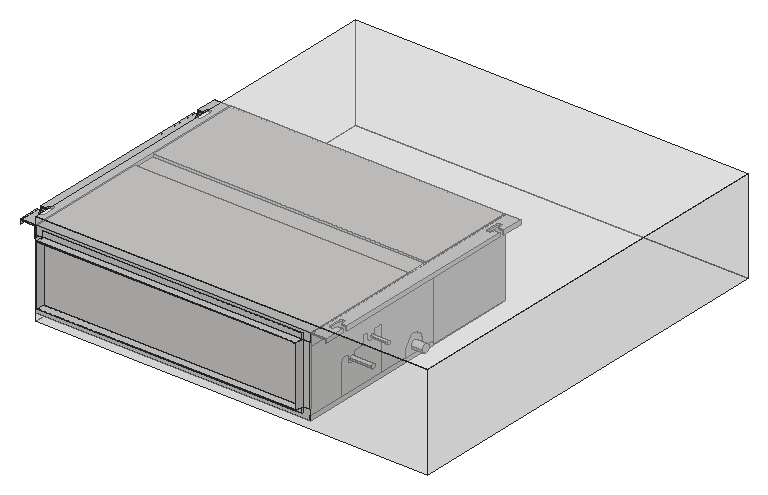
Revit family "outputfile", category 機械設備, Revit 2024
Family settings
  丸型コネクタ寸法 = 半径を使用
  パーツ タイプ = 標準
  OmniClass 番号 = 23.75.10.24.21.27.27
  OmniClass タイトル = Split System Air Conditioning Units
  作業面ベース = いいえ
  常に垂直 = はい
  ロード時にボイドで切り取り = いいえ
  注釈の向きを維持 = いいえ
  共有 = いいえ
  部屋計算ポイント = はい
Parameters (values of type "CDXP25RVMV")
  Description = ""
  書き出し IFC クラス(タイプ) = "IfcUnitaryEquipmentType"
  定義済み IFC タイプ(タイプ) = "AIRCONDITIONINGUNIT"
  Cost = 0
  Type Comments = ""
  Keynote = ""
  Type Image = (empty or 0)
  Assembly Code = ""
  switch_frequency = yes
  ld_powersupply = Depth / 2  # 310.0 mm
  製造元 = "Daikin"
  モデル = "CDXP25RVMV"
  r_Liquid Pipe Size = Liquid Pipe Size / 2  # 3.2 mm
  r_Gas Pipe Size = Gas Pipe Size / 2  # 4.75 mm
  r_Drain Pipe Size = Drain Pipe Size / 2  # 10.0 mm
  lw_powersupply = 50.0 mm  # constant formula
  lw_ductflange2 = 620.0 mm
  lw_Width = 660.0 mm
  lh_suctionflange [instance] = 100.0 mm  # constant formula
  ld_suctionflange [instance] = if(Rear Connection_Return Air, 190.0 mm, 100.0 mm)  # 190.0 mm
  connector_voltage = Voltage_50Hz  # 230 V
  connector_powerinput = if([Power Input (Cooling)] > [Power Input (Heating)], [Power Input (Cooling)], [Power Input (Heating)])  # 0.000 kW
  connector_phase = Phase_50Hz  # 1
  angle_vertical_RA [instance] = if(Rear Connection_Return Air, 90.00°, 0.00°)  # 90.00°
  angle horizontal_RA [instance] = if(Rear Connection_Return Air, 180.00°, 270.00°)  # 180.00°
  Voltage_comment_50Hz = "220 - 240"
  Voltage_50Hz = 230 V
  URL = ""
  Supply Air Direction [instance] = yes
  Sound Power Level_H speed (dB) = 0
  Rear Connection_Return Air [instance] = not(Bottom Connection_Return Air)  # yes
  RA_length [instance] = if(Rear Connection_Return Air, 190.0 mm, 100.0 mm)  # 190.0 mm
  Phase_50Hz = 1
  Minimum External Static Pressure = 0.00 Pa
  Minimum Circuit Amps_50Hz = 0.0 A
  Maximum Fuse Amps_50Hz = 0.0 A
  Maximum External Static Pressure = 30.00 Pa
  Material_Casing = DAIKIN_GalvanizedSteel_Casing_indoorunit
  lw_liquidpipe = 46.0 mm  # constant formula
  lw_gaspipe = 57.0 mm  # constant formula
  lw_mountinghole = 740.0 mm
  lw_drainpipe = 30.0 mm  # constant formula
  lh_powersupply = 150.0 mm  # constant formula
  lh_liquidpipe = 90.0 mm  # constant formula
  lh_gaspipe = 113.0 mm  # constant formula
  lh_mountinghole = Height  # 200.0 mm
  lh_drainpipe = 170.0 mm  # constant formula
  lh_antena = 1.0 mm  # constant formula
  ld_liquidpipe = 193.0 mm  # constant formula
  ld_gaspipe = 130.0 mm  # constant formula
  ld_mountinghole = 500.0 mm  # constant formula
  ld_drainpipe = 330.0 mm  # constant formula
  ld_controlbox = 626.0 mm  # constant formula
  h*** = 0.0 mm  # constant formula
  d_dischargeflange = 21.2 mm  # constant formula
  Width = 700.0 mm
  Version = "ver.1.0"
  Unit Type = "Duct (L.S.P)"
  Unit Mass Weight = 21.00 kg
  Unit Designation [instance] = ""
  Uniclass2015Version = "Products v1.30"
  Uniclass2015Title = "Split coil room air conditioning units"
  Uniclass2015Code = "Pr_70_65_03_86"
  Total Heating Capacity [instance] = 0.000 kW
  Total Cooling Capacity [instance] = 0.000 kW
  Sound Pressure Level_M speed (dBA) = 33
  Sound Pressure Level_L speed (dBA) = 31
  Sound Pressure Level_H speed (dBA) = 35
  Series = "Multi Split_Fan Coil Unit"
  Sensible Cooling Capacity [instance] = 0.000 kW
  SA Duct Size Width = 660.0 mm
  SA Duct Size Height = 153.0 mm
  Refrigerant Type = "R32"
  RA Duct Size Width = 580.0 mm
  RA Duct Size Height = 160.0 mm
  Power Input (Heating) = 0.000 kW
  Power Input (Cooling) = 0.000 kW
  Option Accessory 3 [instance] = ""
  Option Accessory 2 [instance] = ""
  Option Accessory 1 [instance] = ""
  Nominal Heating Capacity = 3.400 kW
  Nominal Cooling Capacity = 2.500 kW
  Minimum Airflow = 438.00 m³/h
  Median Airflow = 480.00 m³/h
  Maximum Airflow = 522.00 m³/h
  Load Classification = HVAC
  Liquid Pipe Size = 6.4 mm
  Link_Nested Family [instance] = ""
  IfcVersion = ""
  IfcExportType = "AIRCONDITIONINGUNIT"
  IfcExportAs = "IfcUnitaryEquipmentType"
  Height = 200.0 mm
  Heating Entering Wet Bulb Temperature [instance] = 0.00 °C
  Heating Entering Dry Bulb Temperature [instance] = 0.00 °C
  Heating Ambient Wet Bulb Temperature [instance] = 0.00 °C
  Heating Ambient Dry Bulb Temperature [instance] = 0.00 °C
  Heat Exchanger Type = "Cross Fin Coil"
  Gas Pipe Size = 9.5 mm
  Frequency_50Hz = 50 Hz
  Fan Type = "Sirocco Fan"
  Fan Drive = "Direct Drive"
  FCU Tag No. [instance] = ""
  Drain Pipe Size = 20.0 mm
  Design Supply Airflow [instance] = 0.00 m³/h
  Design Return Airflow [instance] = 0.00 m³/h
  Design External Static Pressure [instance] = 0.00 Pa
  Depth = 620.0 mm
  既定の高さ = 0.0 mm
  Cooling Entering Wet Bulb Temperature [instance] = 0.00 °C
  Cooling Entering Dry Bulb Temperature [instance] = 0.00 °C
  Cooling Ambient Wet Bulb Temperature [instance] = 0.00 °C
  Cooling Ambient Dry Bulb Temperature [instance] = 0.00 °C
  Clearance visibility [instance] = yes
  Clearance Top = 20.0 mm
  Clearance Right = 300.0 mm
  Clearance Rear = 400.0 mm
  Clearance Left = 0.0 mm
  Clearance Front = 0.0 mm
  Clearance Bottom = 20.0 mm
  Bottom Connection_Return Air [instance] = no
Reference planes
  plane 1 "Center (Front/Back)": y = 0
  plane 2: z = 0
  plane 3 "Center (Left/Right)": x = 0
  plane 4 "Back": y = 310
  plane 5 "Front": y = -310
  plane 6 "Left": x = -350
  plane 7 "Right": x = 350
  plane 8 "Top": z = 0
  plane 9 "Bottom": z = -200
  plane 10: x = -370
  plane 11: x = 370
  plane 12: y = 250
  plane 13: z = 0
  plane 14 "Clearance Left": x = -350
  plane 15 "Clearance Right": x = 650
  plane 16 "Clearance Rear": y = 710
  plane 17 "Clearance Front": y = -310
  plane 18 "Clearance Top": z = 20
  plane 19 "Clearance Bottom": z = -220
  plane 20: y = -250
  plane 21: z = -21
  plane 22: z = -97.5
  plane 23: x = -40
  plane 24: y = 120
  plane 25: z = -100
  plane 26: y = -180
  plane 27: z = -113
  plane 28: y = -117
  plane 29: z = -90
  plane 30: y = 20
  plane 31: z = -170
  plane 32: x = 407
  plane 33: x = 396
  plane 34: x = 380
  plane 35: x = 300
  plane 36: z = -150
Forms (mm)
  Extrusion 1, solid, material "DAIKIN_GalvanizedSteel_Casing_indoorunit" <- "Material_Casing"
    sketch origin (0, 0, 0) x (1, 0, 0) y (0, 1, 0)
      loop
        line (-350, -310) -> (350, -310) -> (350, 310) -> (-350, 310) -> (-350, -310)
    from -200 to 0
  Extrusion 2, void
    sketch origin (0, 0, 1) x (1, 0, 0) y (0, 1, 0)
      loop
        line (-350, 61.5) -> (-350, 3.5) -> (350, 3.5) -> (350, 61.5) -> (-350, 61.5)
    from -1 to -7
  Extrusion 3, solid, material "DAIKIN_GalvanizedSteel_Casing_indoorunit" <- "Material_Casing", visible <- "Bottom Connection_Return Air"
    sketch origin (0, 0, 0) x (1, 0, 0) y (0, 0, 1)
      loop
        line (269, -200) -> (269, -1) -> (-349, -1) -> (-349, -200) -> (269, -200)
    from -310 to -309
  Extrusion 4, solid, material "DAIKIN_GalvanizedSteel_Casing_indoorunit" <- "Material_Casing", visible <- "Rear Connection_Return Air"
    sketch origin (0, 0, 0) x (1, 0, 0) y (0, 1, 0)
      loop
        line (-349, 310) -> (-349, 111) -> (269, 111) -> (269, 310) -> (-349, 310)
    from -200 to -199
  Extrusion 5, solid, material "DAIKIN_GalvanizedSteel_Casing_indoorunit" <- "Material_Casing"
    sketch origin (350, 0, 0) x (0, 1, 0) y (0, 0, 1)
      loop
        circle (-180, -113) r 4.75
    from 0 to 57
  Extrusion 6, solid, material "DAIKIN_GalvanizedSteel_Casing_indoorunit" <- "Material_Casing"
    sketch origin (350, 0, 0) x (0, 1, 0) y (0, 0, 1)
      loop
        circle (-117, -90) r 3.2
    from 0 to 46
  Extrusion 7, solid, material "DAIKIN_GalvanizedSteel_Casing_indoorunit" <- "Material_Casing"
    sketch origin (350, 0, 0) x (0, 1, 0) y (0, 0, 1)
      loop
        circle (20, -170) r 10
    from 0 to 30
  Extrusion 8, solid, material "DAIKIN_GalvanizedSteel_Casing_indoorunit" <- "Material_Casing"
    sketch origin (350, 0, 0) x (0, 1, 0) y (0, 0, 1)
      loop
        line (-310, -200) -> (78.6, -200) -> (78.6, -193)
        arc (78.6, -193) -> (77.721, -190.879) -> (75.6, -190) r 3
        line (75.6, -190) -> (-310, -190) -> (-310, -200)
    from 0 to -1
  Extrusion 9, solid, material "DAIKIN_GalvanizedSteel_Casing_indoorunit" <- "Material_Casing"
    sketch origin (350, 0, 0) x (0, 1, 0) y (0, 0, 1)
      loop
        line (-210, -190) -> (-85.6, -190) -> (-85.6, -83)
        arc (-85.6, -83) -> (-86.479, -80.879) -> (-88.6, -80) r 3
        line (-88.6, -80) -> (-102, -80)
        arc (-102, -80) -> (-104.121, -80.879) -> (-105, -83) r 3
        line (-105, -83) -> (-105, -90)
        arc (-105, -90) -> (-117, -102) -> (-129, -90) r 12
        line (-129, -90) -> (-129, -83)
        arc (-129, -83) -> (-129.879, -80.879) -> (-132, -80) r 3
        line (-132, -80) -> (-136.1, -80)
        arc (-136.1, -80) -> (-138.221, -80.879) -> (-139.1, -83) r 3
        line (-139.1, -83) -> (-139.1, -102.7) -> (-165, -102.7)
        arc (-165, -102.7) -> (-167.121, -103.579) -> (-168, -105.7) r 3
        line (-168, -105.7) -> (-168, -113)
        arc (-168, -113) -> (-180, -125) -> (-192, -113) r 12
        line (-192, -113) -> (-192, -105.7)
        arc (-192, -105.7) -> (-192.879, -103.579) -> (-195, -102.7) r 3
        line (-195, -102.7) -> (-207, -102.7)
        arc (-207, -102.7) -> (-209.121, -103.579) -> (-210, -105.7) r 3
        line (-210, -105.7) -> (-210, -190)
    from 0 to -1
  Extrusion 10, solid, material "DAIKIN_GalvanizedSteel_Casing_indoorunit" <- "Material_Casing"
    sketch origin (350, 0, 0) x (0, 1, 0) y (0, 0, 1)
      loop
        arc (44.5, -170) -> (20, -145.5) -> (-4.5, -170) r 24.5
        line (-4.5, -170) -> (-4.5, -190) -> (44.5, -190) -> (44.5, -170)
    from 0 to -1
  Extrusion 11, solid, material "DAIKIN_GalvanizedSteel_Casing_indoorunit" <- "Material_Casing"
    sketch origin (350, 0, 0) x (0, 1, 0) y (0, 0, 1)
      loop
        arc (86.6, -22) -> (84.479, -22.879) -> (83.6, -25) r 3
        line (83.6, -25) -> (83.6, -194.5)
        arc (83.6, -194.5) -> (84.479, -196.621) -> (86.6, -197.5) r 3
        line (86.6, -197.5) -> (307, -197.5)
        arc (307, -197.5) -> (309.121, -196.621) -> (310, -194.5) r 3
        line (310, -194.5) -> (310, -25)
        arc (310, -25) -> (309.121, -22.879) -> (307, -22) r 3
        line (307, -22) -> (86.6, -22)
    from 0 to -1
Cuts and joins
  Extrusion 2 cuts Extrusion 1
Dimensions and locks
  "Height": plane 8 "Top" to plane 9 "Bottom"
  equal spacing: plane 10, plane 3 "Center (Left/Right)", plane 11
  "lw_mountinghole": plane 10 to plane 11
  equal spacing: plane 6 "Left", plane 3 "Center (Left/Right)", plane 7 "Right"
  "Width": plane 6 "Left" to plane 7 "Right"
  "Clearance Right": plane 7 "Right" to plane 15 "Clearance Right"
  "Clearance Left": plane 14 "Clearance Left" to plane 6 "Left"
  "Clearance Rear": plane 16 "Clearance Rear" to plane 4 "Back"
  "Clearance Front": plane 5 "Front" to plane 17 "Clearance Front"
  "Clearance Top": plane 18 "Clearance Top" to plane 8 "Top"
  "Clearance Bottom": plane 9 "Bottom" to plane 19 "Clearance Bottom"
  "Depth": plane 4 "Back" to plane 5 "Front"
  equal spacing: plane 4 "Back", plane 1 "Center (Front/Back)", plane 5 "Front"
  Extrusion 3 sketch curve to Extrusion 3 sketch curve = 199.0 mm
  locked: plane 20 to plane 5 "Front" at 60
  "ld_mountinghole": plane 12 to plane 20
  locked: plane 8 "Top" to plane 21 at 21
  locked: plane 23 to plane 3 "Center (Left/Right)" at 40
  "ld_suctionflange": plane 4 "Back" to plane 24
  "lh_suctionflange": plane 8 "Top" to plane 25
  "ld_gaspipe": plane 26 to plane 5 "Front"
  "lh_gaspipe": plane 8 "Top" to plane 27
  "ld_liquidpipe": plane 28 to plane 5 "Front"
  "lh_liquidpipe": plane 8 "Top" to plane 29
  "ld_drainpipe": plane 30 to plane 5 "Front"
  "lh_drainpipe": plane 8 "Top" to plane 31
  "lw_gaspipe": plane 7 "Right" to plane 32
  "lw_liquidpipe": plane 7 "Right" to plane 33
  "lw_drainpipe": plane 7 "Right" to plane 34
  "lw_powersupply": plane 35 to plane 7 "Right"
  "lh_powersupply": plane 8 "Top" to plane 36
  "r_Gas Pipe Size": radius of Extrusion 5 sketch curve
  "r_Liquid Pipe Size": radius of Extrusion 6 sketch curve
  "r_Drain Pipe Size": radius of Extrusion 7 sketch curve
  aligned and locked: level to plane 2
  aligned and locked: Extrusion 1 to plane 9 "Bottom"
  aligned and locked: plane 8 "Top" to Extrusion 1
  aligned and locked: plane 11 to nested 2
  aligned and locked: plane 10 to nested 3
  aligned and locked: plane 10 to nested 4
  aligned and locked: plane 8 "Top" to Extrusion 2
  aligned and locked: plane 9 "Bottom" to Extrusion 4  (x2)
  aligned and locked: plane 7 "Right" to cut or joined group of Extrusion 1, Extrusion 2  (x2)
  aligned and locked: plane 3 "Center (Left/Right)" to nested 9
  aligned and locked: plane 6 "Left" to nested 7
  aligned and locked: plane 8 "Top" to nested 9
  aligned and locked: plane 11 to nested 1
  aligned and locked: nested 6 to plane 1 "Center (Front/Back)"
  aligned and locked: plane 3 "Center (Left/Right)" to nested 6
  aligned and locked: level to plane 8 "Top"
  aligned and locked: plane 1 "Center (Front/Back)" to nested 9
  aligned and locked: plane 5 "Front" to nested 10
  aligned and locked: Extrusion 1 sketch curve to plane 5 "Front"
  aligned and locked: plane 21 to nested 10
  aligned and locked: nested 5 to plane 5 "Front"
  aligned and locked: plane 3 "Center (Left/Right)" to nested 5
  aligned and locked: plane 22 to nested 5
  aligned and locked: Extrusion 2 sketch curve to plane 6 "Left"
  aligned and locked: plane 7 "Right" to Extrusion 2 sketch curve
  aligned and locked: nested 11 to plane 23
  aligned and locked: nested 11 to plane 24
  aligned and locked: plane 27 to Extrusion 5 sketch curve
  aligned and locked: plane 26 to Extrusion 5 sketch curve
  aligned and locked: plane 28 to Extrusion 6 sketch curve
  aligned and locked: plane 29 to Extrusion 6 sketch curve
  aligned and locked: plane 31 to Extrusion 7 sketch curve
  aligned and locked: plane 30 to Extrusion 7 sketch curve
  aligned and locked: plane 26 to nested 12
  aligned and locked: nested 12 to plane 27
  aligned and locked: plane 32 to Extrusion 5
  aligned and locked: plane 32 to nested 12
  aligned and locked: plane 33 to Extrusion 6
  aligned and locked: plane 28 to nested 13
  aligned and locked: nested 13 to plane 29
  aligned and locked: plane 33 to nested 13
  aligned and locked: plane 34 to Extrusion 7
  aligned and locked: plane 30 to nested 14
  aligned and locked: nested 14 to plane 31
  aligned and locked: plane 34 to nested 14
  aligned and locked: Extrusion 8 sketch curve to plane 9 "Bottom"
  aligned and locked: Extrusion 8 sketch curve to plane 5 "Front"
  aligned and locked: plane 14 "Clearance Left" to nested 15
  aligned and locked: plane 15 "Clearance Right" to nested 15
  aligned and locked: plane 16 "Clearance Rear" to nested 15
  aligned and locked: nested 15 to plane 17 "Clearance Front"
  aligned and locked: nested 15 to plane 18 "Clearance Top"
  aligned and locked: nested 15 to plane 19 "Clearance Bottom"
  aligned and locked: nested 16 to plane 35
  aligned and locked: nested 16 to plane 36
  aligned and locked: plane 4 "Back" to nested 16
Automatic sketch dimensions
  Extrusion 1 sketch curve to plane 4 "Back" = 0.0 mm
  Extrusion 1 sketch curve to plane 6 "Left" = 0.0 mm
  Extrusion 1 sketch curve to plane 7 "Right" = 0.0 mm
  Extrusion 4 sketch curve to plane 4 "Back" = 0.0 mm
  plane 6 "Left" to Extrusion 3 sketch curve = 1.0 mm
  plane 6 "Left" to Extrusion 4 sketch curve = 1.0 mm
  Extrusion 4 sketch curve to plane 1 "Center (Front/Back)" = 111.0 mm
  Extrusion 3 sketch curve to plane 9 "Bottom" = 0.0 mm
  Extrusion 3 sketch curve to plane 7 "Right" = 81.0 mm
  Extrusion 4 sketch curve to plane 7 "Right" = 81.0 mm
  Extrusion 2 sketch curve to plane 1 "Center (Front/Back)" = 3.5 mm
  Extrusion 2 sketch curve to Extrusion 2 sketch curve = 58.0 mm
  plane 9 "Bottom" to Extrusion 8 sketch curve = 7.0 mm
  Extrusion 8 sketch curve to plane 24 = 44.4 mm
  Extrusion 8 sketch curve to Extrusion 8 sketch curve = 3.0 mm
  Extrusion 9 sketch curve to plane 27 = 0.0 mm
  Extrusion 9 sketch curve to plane 26 = 0.0 mm
  Extrusion 9 sketch curve to plane 29 = 0.0 mm
  Extrusion 9 sketch curve to plane 28 = 0.0 mm
  Extrusion 9 sketch curve to plane 26 = 12.0 mm
  Extrusion 9 sketch curve to plane 25 = 2.7 mm  (x2)
  Extrusion 9 sketch curve to Extrusion 9 sketch curve = 3.0 mm  (x6)
  Extrusion 9 sketch curve to Extrusion 9 sketch curve = 12.0 mm
  plane 9 "Bottom" to Extrusion 9 sketch curve = 10.0 mm
  Extrusion 9 sketch curve to plane 26 = 30.0 mm
  Extrusion 9 sketch curve to plane 28 = 22.1 mm
  Extrusion 9 sketch curve to Extrusion 9 sketch curve = 4.1 mm
  plane 29 to Extrusion 9 sketch curve = 7.0 mm  (x2)
  Extrusion 9 sketch curve to Extrusion 9 sketch curve = 13.4 mm
  Extrusion 10 sketch curve to plane 30 = 0.0 mm
  Extrusion 10 sketch curve to plane 31 = 0.0 mm
  plane 1 "Center (Front/Back)" to Extrusion 10 sketch curve = 4.5 mm
  plane 9 "Bottom" to Extrusion 10 sketch curve = 10.0 mm
  Extrusion 11 sketch curve to plane 4 "Back" = 0.0 mm
  Extrusion 11 sketch curve to Extrusion 11 sketch curve = 3.0 mm  (x3)
  Extrusion 11 sketch curve to plane 21 = 1.0 mm
  Extrusion 11 sketch curve to plane 21 = 4.0 mm
  Extrusion 11 sketch curve to plane 24 = 33.4 mm
  plane 9 "Bottom" to Extrusion 11 sketch curve = 5.5 mm
Nested families
  nested 1: "daikin_mountinghole" at (370, 250, -200), l_antenna <- "lh_antena", Link_Nested Family <- "Link_Nested Family", h_mountinghole <- "lh_mountinghole", type "daikin_mountinghole"
    with show yes, l_antenna 1.0 mm, h_mountinghole 200.0 mm, Link_Nested Family ""
  nested 2: "daikin_mountinghole" at (370, -250, -200), Link_Nested Family <- "Link_Nested Family", l_antenna <- "lh_antena", h_mountinghole <- "lh_mountinghole", type "daikin_mountinghole"
    with show yes, l_antenna 1.0 mm, h_mountinghole 200.0 mm, Link_Nested Family ""
  nested 3: "daikin_mountinghole" at (-370, -250, -200), l_antenna <- "lh_antena", Link_Nested Family <- "Link_Nested Family", h_mountinghole <- "lh_mountinghole", type "daikin_mountinghole"
    with show yes, l_antenna 1.0 mm, h_mountinghole 200.0 mm, Link_Nested Family ""
  nested 4: "daikin_mountinghole" at (-370, 250, -200), l_antenna <- "lh_antena", Link_Nested Family <- "Link_Nested Family", h_mountinghole <- "lh_mountinghole", type "daikin_mountinghole"
    with show yes, l_antenna 1.0 mm, h_mountinghole 200.0 mm, Link_Nested Family ""
  nested 5: "daikin_connector_rotate2" at (0, -310, -97.5), length <- "d_dischargeflange", type "daikin_connector_rotate2"
    with radius 10.0 mm, length 21.2 mm, angle_vertical 90.00°, show_face no
  nested 6: "daikin_△_symbolicline" at (-75, -129.904, 200) x (-0.5, 0.866, 0) z (0, 0, 1), built-in parameter 1001364 <- "Height", visible <- "Supply Air Direction", type "daikin_△_symbolicline"
    with length 300.0 mm
  nested 7: "daikin_ductflange_CDXP-RVMV_1" at (-40, 310, -100), visible <- "Rear Connection_Return Air", material <- "Material_Casing", width <- "lw_ductflange2", type "daikin_ductflange_CDXP-RVMV_1"
    with width 620.0 mm, material DAIKIN_GalvanizedSteel_Casing_indoorunit, height 180.0 mm, depth 21.2 mm
  nested 8: "daikin_ductflange_CDXP-RVMV_1" at (-40, 210, -200) x (1, 0, 0) z (0, 1, 0), visible <- "Bottom Connection_Return Air", material <- "Material_Casing", width <- "lw_ductflange2", type "daikin_ductflange_CDXP-RVMV_1"
    with width 620.0 mm, material DAIKIN_GalvanizedSteel_Casing_indoorunit, height 180.0 mm, depth 21.2 mm
  nested 9: "daikin_hangerfixture_CDXP-RVMV" at (0, 0, 0), type "daikin_hangerfixture_CDXP-RVMV"
  nested 10: "daikin_ductflange_CDXP-RVMV" at (0, 3.5, -364.201), width <- "lw_Width", material <- "Material_Casing", type "daikin_ductflange_CDXP-RVMV"
    with width 660.0 mm, material DAIKIN_GalvanizedSteel_Casing_indoorunit, height 155.0 mm, depth 21.2 mm
  nested 11: "daikin_connector_rotate3" at (-40, 120, -100), length <- "RA_length", angle_vertical <- "angle_vertical_RA", angle_horizontal <- "angle horizontal_RA", type "daikin_connector_rotate3"
    with show no, radius 10.0 mm, length 190.0 mm, angle_vertical 90.00°, angle_horizontal 180.00°
  nested 12: "daikin_connector_rotate2" at (350, -180, -113) x (0, 1, 0) z (0, 0, 1), length <- "lw_gaspipe", radius <- "r_Gas Pipe Size", type "daikin_connector_rotate2"
    with radius 4.75 mm, length 57.0 mm, angle_vertical 90.00°, show_face no
  nested 13: "daikin_connector_rotate2" at (350, -117, -90) x (0, 1, 0) z (0, 0, 1), radius <- "r_Liquid Pipe Size", length <- "lw_liquidpipe", type "daikin_connector_rotate2"
    with radius 3.2 mm, length 46.0 mm, angle_vertical 90.00°, show_face no
  nested 14: "daikin_connector_rotate2" at (350, 20, -170) x (0, 1, 0) z (0, 0, 1), radius <- "r_Drain Pipe Size", length <- "lw_drainpipe", type "daikin_connector_rotate2"
    with radius 10.0 mm, length 30.0 mm, angle_vertical 90.00°, show_face no
  nested 15: "daikin_clearancespace" at (150, 200, -99.881), visible <- "Clearance visibility", Link_Nested Family <- "Link_Nested Family", show <- "Clearance visibility", type "daikin_clearancespace"
    with width 1000.0 mm, show yes, height 240.0 mm, depth 1020.0 mm, Link_Nested Family ""
  nested 16: "daikin_connector_rotate2" at (300, 0, -150) x (-1, 0, 0) z (0, 0, 1), length <- "ld_powersupply", type "daikin_connector_rotate2"
    with radius 10.0 mm, length 310.0 mm, angle_vertical 90.00°, show_face no
Connectors
  hvac at (0, -331.2, -97.5), driven by "SA Duct Size Height", driven by "SA Duct Size Width"
    settings: on nested 5, index 1, duct flow 0.00 m³/h, flow factor 0, pres drop 0.00 Pa, loss coef 0, conn angle 0.00°, conn width 660.0 mm, conn height 153.0 mm, conn diameter 609.6 mm, duct sys type 1, conn prof type 1, flow config 0, flow direction 2, loss method 4, conn ref index -1, conn util no, is conn primary yes, conn desc "SA Duct"
  hvac at (-40, 310, -100), driven by "RA Duct Size Height", driven by "RA Duct Size Width"
    settings: on nested 11, index 2, duct flow 0.00 m³/h, flow factor 0, pres drop 0.00 Pa, loss coef 0, conn angle 0.00°, conn width 580.0 mm, conn height 160.0 mm, conn diameter 609.6 mm, duct sys type 2, conn prof type 1, flow config 0, flow direction 1, loss method 4, conn ref index -1, conn util no, is conn primary no, conn desc "RA Duct"
  piping at (407, -180, -113), diameter 9.5, driven by "r_Gas Pipe Size"
    settings: on nested 12, index 3, connector inside diameter 609.6 mm, connector length 0.0 mm, flow factor 0, pipe flow 0.00 m³/h, pressure drop 0.0 Pa, fitting loss kfactor 0, connector angle 0.00°, fixture units 0, engagement length 0.0 mm, angle of deflection 0.00°, flow configuration 1, flow direction 2, fitting loss method 0, system type 29, joint type 0, gender type 0, connector reference index -1, connector utility 0, adjustable connector no, is connector primary yes, connector description "Refrigerant Gas Piping"
  piping at (396, -117, -90), diameter 6.4, driven by "r_Liquid Pipe Size"
    settings: on nested 13, index 4, connector inside diameter 609.6 mm, connector length 0.0 mm, flow factor 0, pipe flow 0.00 m³/h, pressure drop 0.0 Pa, fitting loss kfactor 0, connector angle 0.00°, fixture units 0, engagement length 0.0 mm, angle of deflection 0.00°, flow configuration 1, flow direction 1, fitting loss method 0, system type 29, joint type 0, gender type 0, connector reference index -1, connector utility 0, adjustable connector no, is connector primary no, connector description "Refrigerant Liquid Piping"
  piping at (380, 20, -170), diameter 20, driven by "r_Drain Pipe Size"
    settings: on nested 14, index 5, connector inside diameter 609.6 mm, connector length 0.0 mm, flow factor 0, pipe flow 0.00 m³/h, pressure drop 0.0 Pa, fitting loss kfactor 0, connector angle 0.00°, fixture units 0, engagement length 0.0 mm, angle of deflection 0.00°, flow configuration 1, flow direction 2, fitting loss method 4, system type 16, joint type 0, gender type 0, connector reference index -1, connector utility 0, adjustable connector no, is connector primary no, connector description "Condensate Drain Piping"
  electrical at (300, 310, -150), driven by "Load Classification", driven by "connector_voltage", driven by "connector_powerinput", driven by "connector_phase"
    settings: on nested 16, index 6, voltage 230 V, apparent load 0 VA, apparent load phase1 0 VA, apparent load phase2 0 VA, apparent load phase3 0 VA, power factor 1, load classification "HVAC", number of poles 1, system type 30, power factor state 1, is connector primary yes, connector utility no, sub classification motor no, connector description "Power Supply"
Definition of nested family "daikin_ductflange_CDXP-RVMV_1"
  Parameters (values of type "daikin_ductflange_CDXP-RVMV_1")
    width [instance] = 620.0 mm
    material [instance] = none
    height [instance] = 180.0 mm
    depth [instance] = 21.2 mm
    Default Elevation = 0.0 mm
  Reference planes
    plane 1 "Center (Front/Back)": y = 0
    plane 2: z = 0
    plane 3 "Center (Left/Right)": x = 0
    plane 4: x = -310
    plane 5: x = 310
    plane 6: z = 90
    plane 7: z = -90
    plane 8: z = 100
    plane 9: z = -100
    plane 10: x = -309
    plane 11: x = 309
  Forms (mm)
    Extrusion 1, solid, material <- "material"
      sketch origin (0, 0, 0) x (1, 0, 0) y (0, 0, 1)
        loop
          line (-290, 80) -> (-290, -80) -> (290, -80) -> (290, 80) -> (-290, 80)
        loop
          line (-309, -99) -> (309, -99) -> (309, 99) -> (-309, 99) -> (-309, -99)
      from 0 to 1
  Dimensions and locks
    equal spacing: plane 5, plane 3 "Center (Left/Right)", plane 4, locked at 310 each
    "width": plane 5 to plane 4
    equal spacing: plane 6, level, plane 7, locked at 90 each
    "height": plane 6 to plane 7
    equal spacing: plane 8, level, plane 9, locked at 100 each
    locked: plane 8 to plane 9 at 200
    plane 10 to plane 4 = 1.0 mm
    locked: plane 5 to plane 11 at 1
    locked: Extrusion 1 sketch curve to Extrusion 1 sketch curve at 19  (x4)
    plane 8 to Extrusion 1 sketch curve = 1.0 mm
    locked: Extrusion 1 sketch curve to plane 9 at 1
    aligned and locked: level to plane 2
  Automatic sketch dimensions
    plane 4 to Extrusion 1 sketch curve = 1.0 mm
    Extrusion 1 sketch curve to plane 5 = 1.0 mm
Definition of nested family "daikin_hangerfixture_CDXP-RVMV"
  Parameters (values of type "daikin_hangerfixture_CDKS-EAVMA")
    width = 700.0 mm
    material = none
    height = 30.0 mm
    depth = 618.0 mm
    Default Elevation = 0.0 mm
  Reference planes
    plane 1 "Center (Front/Back)": y = 0
    plane 2: z = 0
    plane 3 "Center (Left/Right)": x = 0
    plane 4: x = 350
    plane 5: y = 309
    plane 6: y = -309
    plane 7: x = -350
    plane 8: z = -30
  Forms (mm)
    Extrusion 1, solid, material <- "material"
      sketch origin (0, 0, 0) x (1, 0, 0) y (0, 0, 1)
        loop
          line (350, 0) -> (350, -30) -> (352.3, -30) -> (352.3, -2.3) -> (387.7, -2.3) -> (387.7, -10) -> (390, -10) -> (390, 0) -> (350, 0)
      from -309 to 309
    Extrusion 2, void
      sketch origin (0, 0, 0) x (0, 1, 0) y (0, 0, 1)
        loop
          line (309, -30) -> (309, -17.979) -> (87.935, -17.979) -> (75.914, -30) -> (309, -30)
      from 0 to 450
    Extrusion 3, void
      sketch origin (0, 0, 0) x (1, 0, 0) y (0, 1, 0)
        loop
          line (390, -243.5) -> (377, -243.5) -> (377, -237)
          arc (377, -237) -> (370, -230) -> (363, -237) r 7
          line (363, -237) -> (363, -263)
          arc (363, -263) -> (370, -270) -> (377, -263) r 7
          line (377, -263) -> (377, -256.5) -> (390, -256.5) -> (390, -243.5)
        loop
          line (390, 243.5) -> (390, 256.5) -> (377, 256.5) -> (377, 263)
          arc (377, 263) -> (370, 270) -> (363, 263) r 7
          line (363, 263) -> (363, 237)
          arc (363, 237) -> (370, 230) -> (377, 237) r 7
          line (377, 237) -> (377, 243.5) -> (390, 243.5)
      from -254.96 to 618
    Extrusion 4, solid, material <- "material"
      sketch origin (0, 0, 0) x (-1, 0, 0) y (0, 0, -1)
        loop
          line (350, 0) -> (390, 0) -> (390, 10) -> (387.7, 10) -> (387.7, 2.3) -> (352.3, 2.3) -> (352.3, 30) -> (350, 30) -> (350, 0)
      from -309 to 309
    Extrusion 5, void
      sketch origin (0, 0, 0) x (-1, 0, 0) y (0, -1, 0)
        loop
          line (390, 243.5) -> (390, 256.5) -> (377, 256.5) -> (377, 263)
          arc (377, 263) -> (370, 270) -> (363, 263) r 7
          line (363, 263) -> (363, 237)
          arc (363, 237) -> (370, 230) -> (377, 237) r 7
          line (377, 237) -> (377, 243.5) -> (390, 243.5)
        loop
          line (390, -243.5) -> (377, -243.5) -> (377, -237)
          arc (377, -237) -> (370, -230) -> (363, -237) r 7
          line (363, -237) -> (363, -263)
          arc (363, -263) -> (370, -270) -> (377, -263) r 7
          line (377, -263) -> (377, -256.5) -> (390, -256.5) -> (390, -243.5)
      from -254.96 to 618
  Cuts and joins
    Extrusion 2, Extrusion 3, Extrusion 5 cuts Extrusion 1
    Extrusion 5 cuts Extrusion 4
  Dimensions and locks
    equal spacing: plane 5, plane 1 "Center (Front/Back)", plane 6
    "depth": plane 5 to plane 6
    plane 6 to plane 1 "Center (Front/Back)" to plane 5 = 309.0 mm, 309.0 mm
    equal spacing: plane 4, plane 3 "Center (Left/Right)", plane 7
    "width": plane 4 to plane 7
    "height": level to plane 8
    aligned and locked: level to plane 2
    aligned and locked: plane 5 to Extrusion 1
    aligned and locked: Extrusion 1 to plane 6
    aligned and locked: Extrusion 1 to plane 4
    aligned and locked: plane 5 to cut or joined group of Extrusion 1, Extrusion 2, Extrusion 3, Extrusion 5
    aligned and locked: cut or joined group of Extrusion 1, Extrusion 2, Extrusion 3, Extrusion 5 to plane 6
    aligned and locked: level to cut or joined group of Extrusion 1, Extrusion 2, Extrusion 3, Extrusion 5
    aligned and locked: cut or joined group of Extrusion 1, Extrusion 2, Extrusion 3, Extrusion 5 to plane 8
    aligned and locked: plane 5 to cut or joined group of Extrusion 4, Extrusion 5
    aligned and locked: cut or joined group of Extrusion 4, Extrusion 5 to plane 6
  Automatic sketch dimensions
    Extrusion 1 sketch curve to plane 4 = 0.0 mm
    Extrusion 1 sketch curve to plane 8 = 0.0 mm
    Extrusion 1 sketch curve to level = 0.0 mm
    plane 4 to Extrusion 1 sketch curve = 2.3 mm
    Extrusion 1 sketch curve to level = 2.3 mm
    Extrusion 1 sketch curve to Extrusion 1 sketch curve = 35.4 mm
    Extrusion 1 sketch curve to Extrusion 1 sketch curve = 2.3 mm
    Extrusion 1 sketch curve to Extrusion 1 sketch curve = 7.7 mm
    Extrusion 2 sketch curve to plane 8 = 0.0 mm
    Extrusion 2 sketch curve to plane 5 = 0.0 mm
    plane 8 to Extrusion 2 sketch curve = 12.021 mm
    Extrusion 2 sketch curve to plane 1 "Center (Front/Back)" = 87.935 mm
    Extrusion 2 sketch curve to Extrusion 2 sketch curve = 12.021 mm
    plane 4 to Extrusion 3 sketch curve = 13.0 mm  (x2)
    Extrusion 3 sketch curve to Extrusion 3 sketch curve = 7.0 mm  (x4)
    Extrusion 3 sketch curve to Extrusion 3 sketch curve = 13.0 mm  (x4)
    plane 6 to Extrusion 3 sketch curve = 46.0 mm
    Extrusion 3 sketch curve to Extrusion 3 sketch curve = 6.5 mm  (x4)
    Extrusion 3 sketch curve to plane 5 = 72.0 mm
    Extrusion 4 sketch curve to plane 7 = 0.0 mm
    Extrusion 4 sketch curve to plane 8 = 0.0 mm
    Extrusion 4 sketch curve to level = 0.0 mm
    Extrusion 4 sketch curve to plane 7 = 2.3 mm
    Extrusion 4 sketch curve to level = 2.3 mm
    Extrusion 4 sketch curve to Extrusion 4 sketch curve = 35.4 mm
    Extrusion 4 sketch curve to Extrusion 4 sketch curve = 2.3 mm
    Extrusion 4 sketch curve to Extrusion 4 sketch curve = 7.7 mm
    Extrusion 5 sketch curve to plane 7 = 13.0 mm  (x2)
    Extrusion 5 sketch curve to Extrusion 5 sketch curve = 7.0 mm  (x4)
    Extrusion 5 sketch curve to Extrusion 5 sketch curve = 13.0 mm  (x4)
    Extrusion 5 sketch curve to plane 5 = 46.0 mm
    Extrusion 5 sketch curve to Extrusion 5 sketch curve = 6.5 mm  (x4)
    plane 6 to Extrusion 5 sketch curve = 72.0 mm
Definition of nested family "daikin_ductflange_CDXP-RVMV"
  Parameters (values of type "daikin_ductflange_FXDQ-NDVET")
    width [instance] = 660.0 mm
    material [instance] = none
    height [instance] = 155.0 mm
    depth [instance] = 21.2 mm
    Default Elevation = 0.0 mm
  Reference planes
    plane 1 "Center (Front/Back)": y = 0
    plane 2: z = 189.201
    plane 3 "Center (Left/Right)": x = 0
    plane 4: y = -313.5
    plane 5: x = -330
    plane 6: x = 330
    plane 7: y = -334.7
    plane 8: z = 344.201
    plane 9: z = 266.701
    plane 10: z = 343.201
    plane 11: z = 190.201
  Forms (mm)
    Extrusion 1, solid, material <- "material"
      sketch origin (0, 0, 189.201) x (1, 0, 0) y (0, 1, 0)
        loop
          line (-330, -334.7) -> (-330, -313.5) -> (-350, -313.5) -> (-350, -314.5) -> (-331, -314.5) -> (-331, -334.7) -> (-330, -334.7)
        loop
          line (330, -334.7) -> (331, -334.7) -> (331, -314.5) -> (350, -314.5) -> (350, -313.5) -> (330, -313.5) -> (330, -334.7)
      from 1 to 154
    Extrusion 2, solid, material <- "material"
      sketch origin (0, 0, 0) x (0, 1, 0) y (0, 0, 1)
        loop
          line (-313.5, 343.201) -> (-313.5, 358.201) -> (-314.5, 358.201) -> (-314.5, 344.201) -> (-334.7, 344.201) -> (-334.7, 343.201) -> (-313.5, 343.201)
        loop
          line (-313.5, 190.201) -> (-334.7, 190.201) -> (-334.7, 189.201) -> (-314.5, 189.201) -> (-314.5, 175.201) -> (-313.5, 175.201) -> (-313.5, 190.201)
      from -330 to 330
  Dimensions and locks
    plane 4 to plane 1 "Center (Front/Back)" = 313.5 mm
    "depth": plane 7 to plane 4
    equal spacing: plane 8, plane 9, level
    "height": plane 8 to level
    equal spacing: plane 6, plane 3 "Center (Left/Right)", plane 5
    "width": plane 6 to plane 5
    locked: plane 8 to plane 10 at 1
    locked: plane 11 to level at 1
    locked: Extrusion 1 to Extrusion 2 sketch curve at 1
    locked: Extrusion 2 sketch curve to Extrusion 1 at 1
    plane 10 to plane 11 = 153.0 mm
    aligned and locked: level to plane 2
    aligned and locked: Extrusion 2 to plane 5
    aligned and locked: Extrusion 2 to plane 11
    aligned and locked: Extrusion 2 to plane 10
    aligned and locked: plane 6 to Extrusion 2
    aligned and locked: plane 5 to Extrusion 2  (x2)
    aligned and locked: plane 5 to Extrusion 1  (x2)
    aligned and locked: Extrusion 1 to plane 6
    aligned and locked: plane 6 to Extrusion 1
    aligned and locked: Extrusion 1 to plane 10
  Automatic sketch dimensions
    Extrusion 2 sketch curve to plane 7 = 0.0 mm  (x2)
    Extrusion 2 sketch curve to plane 4 = 0.0 mm  (x2)
    Extrusion 2 sketch curve to plane 11 = 0.0 mm
    Extrusion 2 sketch curve to plane 10 = 0.0 mm
    Extrusion 2 sketch curve to plane 4 = 1.0 mm  (x2)
    Extrusion 2 sketch curve to level = 14.0 mm
    plane 8 to Extrusion 2 sketch curve = 14.0 mm
    Extrusion 1 sketch curve to plane 4 = 0.0 mm  (x2)
    Extrusion 1 sketch curve to plane 7 = 0.0 mm  (x2)
    Extrusion 1 sketch curve to plane 5 = 0.0 mm
    Extrusion 1 sketch curve to plane 6 = 0.0 mm
    Extrusion 1 sketch curve to plane 5 = 1.0 mm
    Extrusion 1 sketch curve to Extrusion 1 sketch curve = 19.0 mm  (x2)
    Extrusion 1 sketch curve to Extrusion 1 sketch curve = 1.0 mm
    Extrusion 1 sketch curve to plane 4 = 1.0 mm  (x2)
Definition of nested family "daikin_clearancespace"
  Parameters (values of type "daikin_clearancespace")
    Description = "daikin_clearancespace"
    width [instance] = 1823.963 mm
    show [instance] = yes
    material = none
    height [instance] = 1359.762 mm
    depth [instance] = 880.0 mm
    Default Elevation = 0.0 mm
    Link_Nested Family [instance] = ""
  Reference planes
    plane 1 "Center (Front/Back)": y = 0
    plane 2 "Center (Elevation)": z = -0.119
    plane 3 "Center (Left/Right)": x = 0
    plane 4: y = 440
    plane 5: y = -440
    plane 6 "Right": x = 911.982
    plane 7 "Left": x = -911.982
    plane 8 "Top": z = 679.762
    plane 9 "Bottom": z = -680
  Forms (mm)
    Extrusion 1, solid, material <- "material", visible <- "show"
      sketch origin (0, 0, 0) x (1, 0, 0) y (0, 1, 0)
        loop
          line (-911.982, 440) -> (-911.982, -440) -> (911.982, -440) -> (911.982, 440) -> (-911.982, 440)
      from -680 to 679.762
  Lines and regions (mm)
    symbolic lines, visible <- "show"
      curve 1: line (911.982, 440, 0) -> (-911.982, 440, 0)
      curve 2: line (-911.982, 440, 0) -> (-911.982, -440, 0)
      curve 3: line (-911.982, -440, 0) -> (911.982, -440, 0)
      curve 4: line (911.982, -440, 0) -> (911.982, 440, 0)
      curve 5: line (911.982, 0, 679.762) -> (-911.982, 0, 679.762)
      curve 6: line (911.982, 0, -680) -> (911.982, 0, 679.762)
      curve 7: line (-911.982, 0, -680) -> (911.982, 0, -680)
      curve 8: line (-911.982, 0, 679.762) -> (-911.982, 0, -680)
      curve 9: line (0, 440, 679.762) -> (0, -440, 679.762)
      curve 10: line (0, -440, 679.762) -> (0, -440, -680)
      curve 11: line (0, 440, -680) -> (0, 440, 679.762)
      curve 12: line (0, -440, -680) -> (0, 440, -680)
  Dimensions and locks
    "width": plane 7 "Left" to plane 6 "Right"
    "depth": plane 4 to plane 5
    "height": plane 8 "Top" to plane 9 "Bottom"
    equal spacing: plane 7 "Left", plane 3 "Center (Left/Right)", plane 6 "Right"
    equal spacing: plane 4, plane 1 "Center (Front/Back)", plane 5
    equal spacing: plane 8 "Top", plane 2 "Center (Elevation)", plane 9 "Bottom"
    aligned and locked: level to plane 2 "Center (Elevation)"
    aligned and locked: Extrusion 1 sketch curve to plane 4
    aligned and locked: plane 7 "Left" to Extrusion 1 sketch curve
    aligned and locked: Extrusion 1 sketch curve to plane 5
    aligned and locked: Extrusion 1 sketch curve to plane 6 "Right"
    aligned and locked: plane 8 "Top" to Extrusion 1
    aligned and locked: curve 1 to Extrusion 1
    aligned and locked: curve 2 to Extrusion 1
    aligned and locked: curve 3 to Extrusion 1
    aligned and locked: curve 4 to Extrusion 1
    aligned and locked: curve 5 to Extrusion 1
    aligned and locked: curve 6 to Extrusion 1
    aligned and locked: curve 7 to Extrusion 1
    aligned and locked: curve 8 to Extrusion 1
    aligned and locked: curve 9 to Extrusion 1
    aligned and locked: curve 10 to Extrusion 1
    aligned and locked: curve 11 to Extrusion 1
    aligned and locked: curve 12 to Extrusion 1
    aligned and locked: Extrusion 1 to plane 9 "Bottom"
Definition of nested family "daikin_mountinghole"
  Parameters (values of type "daikin_mountinghole")
    Default Elevation = 1219.2 mm
    Type Comments = "mountinghole"
    show [instance] = yes
    material = none
    l_centerline = 100.0 mm
    l_antenna [instance] = 100.0 mm
    h_mountinghole [instance] = 0.0 mm
    d_circle = 30.0 mm
    Link_Nested Family [instance] = ""
  Reference planes
    plane 1 "Center (Front/Back)": y = 0
    plane 2: z = 0
    plane 3 "Center (Left/Right)": x = 0
    plane 4: y = 50
    plane 5: x = -50
    plane 6: x = 50
    plane 7: y = -50
    plane 8 "h_mountinghole": z = 0
    plane 9: z = 100
  Lines and regions (mm)
    model lines, detail levels fine
      curve 1: circle (0, 0, 0) r 15 normal (0, 0, 1)
      curve 2: line (-50, 0, 0) -> (50, 0, 0)
      curve 3: line (0, 50, 0) -> (0, -50, 0)
    symbolic lines, detail levels fine
      curve 4: circle (0, 0, 0) r 15 normal (0, 0, 1)
      curve 5: line (-50, 0, 0) -> (50, 0, 0)
      curve 6: line (0, 50, 0) -> (0, -50, 0)
    model lines
      curve 7: line (0, 0, 100) -> (0, 0, 0)
  Dimensions and locks
    equal spacing: plane 4, plane 1 "Center (Front/Back)", plane 7
    "l_centerline": plane 4 to plane 7
    equal spacing: plane 5, plane 3 "Center (Left/Right)", plane 6
    "l_centerline": plane 5 to plane 6
    "l_antenna": plane 9 to plane 8 "h_mountinghole"
    "h_mountinghole": plane 8 "h_mountinghole" to plane 2
    "d_circle": diameter of curve 1
    "d_circle": diameter of curve 4
    aligned and locked: level to plane 2
    aligned and locked: plane 1 "Center (Front/Back)" to curve 1
    aligned and locked: plane 3 "Center (Left/Right)" to curve 1
    aligned and locked: plane 1 "Center (Front/Back)" to curve 2
    aligned and locked: curve 3 to plane 3 "Center (Left/Right)"
    aligned and locked: plane 6 to curve 2
    aligned and locked: plane 5 to curve 2
    aligned and locked: plane 4 to curve 3
    aligned and locked: plane 7 to curve 3
    aligned and locked: plane 1 "Center (Front/Back)" to curve 4
    aligned and locked: plane 3 "Center (Left/Right)" to curve 4
    aligned and locked: plane 6 to curve 5
    aligned and locked: plane 5 to curve 5
    aligned and locked: plane 1 "Center (Front/Back)" to curve 5
    aligned and locked: plane 4 to curve 6
    aligned and locked: plane 7 to curve 6
    aligned and locked: curve 6 to plane 3 "Center (Left/Right)"
    aligned and locked: curve 7 to plane 3 "Center (Left/Right)"
    aligned and locked: plane 9 to curve 7
    aligned and locked: plane 8 "h_mountinghole" to curve 7
Definition of nested family "daikin_connector_rotate2"
  Parameters (values of type "daikin_connector_rotate2")
    show_face = yes
    radius [instance] = 10.0 mm
    length [instance] = 600.0 mm
    d_surface = 10.0 mm
    angle_vertical [instance] = 90.00°
    Default Elevation = 0.0 mm
  Reference planes
    plane 1 "Center (Front/Back)": y = 0
    plane 2: z = 0
    plane 3 "Center (Left/Right)": x = 0
  Forms (mm)
    Extrusion 1, solid, visible <- "show_face"
      sketch origin (0, -600, 0) x (1, 0, 0) y (0, 0, 1)
        loop
          circle (0, 0) r 10
      from 0 to -10
  Lines and regions (mm)
    reference lines
      curve 1: line (0, 0, 0) -> (0, -600, 0)
    symbolic lines
      curve 2: circle (0, 0, 0) r 5 normal (0, 0, 1)
    model lines, visible <- "show_face"
      curve 3: line (0, 0, 0) -> (0, -600, 0)
  Dimensions and locks
    "length": curve 1 to curve 1
    "length": curve 3 to curve 3
    "d_surface": Extrusion 1 to Extrusion 1
    "radius": radius of Extrusion 1 sketch curve
    "angle_vertical": angle curve 1 to plane 1 "Center (Front/Back)"
    "angle_vertical": angle curve 3 to plane 1 "Center (Front/Back)"
    aligned and locked: level to plane 2
    aligned and locked: plane 1 "Center (Front/Back)" to curve 1
    aligned and locked: plane 2 to curve 1
    aligned and locked: plane 1 "Center (Front/Back)" to curve 2
    aligned and locked: plane 3 "Center (Left/Right)" to curve 2
    aligned and locked: plane 1 "Center (Front/Back)" to curve 3
    aligned and locked: plane 2 to curve 3
    aligned and locked: Extrusion 1 to Extrusion 1
  Automatic sketch dimensions
    Extrusion 1 sketch curve to level = 0.0 mm
    Extrusion 1 sketch curve to plane 3 "Center (Left/Right)" = 0.0 mm
    radius of curve 2 = 5.0 mm
Definition of nested family "daikin_△_symbolicline"
  Parameters (values of type "daikin_△_symbolicline")
    length [instance] = 500.0 mm
    Default Elevation = 0.0 mm
  Reference planes
    plane 1 "Center (Front/Back)": y = 0
    plane 2: z = 0
    plane 3 "Center (Left/Right)": x = 0
  Lines and regions (mm)
    symbolic lines
      curve 1: line (0, -433.013, 0) -> (250, 0, 0)
      curve 2: line (250, 0, 0) -> (-250, 0, 0)
      curve 3: line (-250, 0, 0) -> (0, -433.013, 0)
  Dimensions and locks
    equal spacing: curve 3, plane 3 "Center (Left/Right)", curve 2
    "length": curve 3 to curve 2
    "length": curve 3 to curve 3
    "length": curve 1 to curve 1
    aligned and locked: level to plane 2
    aligned and locked: curve 2 to plane 1 "Center (Front/Back)"
    aligned and locked: plane 3 "Center (Left/Right)" to curve 3
Definition of nested family "daikin_connector_rotate3"
  Parameters (values of type "daikin_connector_rotate3")
    Default Elevation = 1219.2 mm
    show [instance] = yes
    radius [instance] = 10.0 mm
    length [instance] = 600.0 mm
    angle_horizontal [instance] = 60.00°
    angle_vertical [instance] = 90.00°
  Reference planes
    plane 1 "Center (Front/Back)": y = 0
    plane 2: z = 0
    plane 3 "Center (Left/Right)": x = 0
  Dimensions and locks
    "angle_horizontal": angle plane 3 "Center (Left/Right)" to nested 1
    aligned and locked: level to plane 2
    aligned and locked: plane 1 "Center (Front/Back)" to nested 1  (x2)
    aligned and locked: plane 3 "Center (Left/Right)" to nested 1
  Nested families
    nested 1: "daikin_connector_rotate2" at (0, 0, 0) x (0.5, 0.866, 0) z (0, 0, 1), angle_vertical <- "angle_vertical", length <- "length", radius <- "radius", type "daikin_connector_rotate2"
      with radius 10.0 mm, length 600.0 mm, angle_vertical 90.00°
  Definition of nested family "daikin_connector_rotate2"
    Parameters (values of type "daikin_connector_rotate2")
      show_face = yes
      radius [instance] = 10.0 mm
      length [instance] = 600.0 mm
      d_surface = 10.0 mm
      angle_vertical [instance] = 90.00°
      Default Elevation = 0.0 mm
    Reference planes
      plane 1 "Center (Front/Back)": y = 0
      plane 2: z = 0
      plane 3 "Center (Left/Right)": x = 0
    Forms (mm)
      Extrusion 1, solid, visible <- "show_face"
        sketch origin (0, -600, 0) x (1, 0, 0) y (0, 0, 1)
          loop
            circle (0, 0) r 10
        from 0 to -10
    Lines and regions (mm)
      reference lines
        curve 1: line (0, 0, 0) -> (0, -600, 0)
      symbolic lines
        curve 2: circle (0, 0, 0) r 5 normal (0, 0, 1)
      model lines, visible <- "show_face"
        curve 3: line (0, 0, 0) -> (0, -600, 0)
    Dimensions and locks
      "length": curve 1 to curve 1
      "length": curve 3 to curve 3
      "d_surface": Extrusion 1 to Extrusion 1
      "radius": radius of Extrusion 1 sketch curve
      "angle_vertical": angle curve 1 to plane 1 "Center (Front/Back)"
      "angle_vertical": angle curve 3 to plane 1 "Center (Front/Back)"
      aligned and locked: level to plane 2
      aligned and locked: plane 1 "Center (Front/Back)" to curve 1
      aligned and locked: plane 2 to curve 1
      aligned and locked: plane 1 "Center (Front/Back)" to curve 2
      aligned and locked: plane 3 "Center (Left/Right)" to curve 2
      aligned and locked: plane 1 "Center (Front/Back)" to curve 3
      aligned and locked: plane 2 to curve 3
      aligned and locked: Extrusion 1 to Extrusion 1
    Automatic sketch dimensions
      Extrusion 1 sketch curve to level = 0.0 mm
      Extrusion 1 sketch curve to plane 3 "Center (Left/Right)" = 0.0 mm
      radius of curve 2 = 5.0 mm
